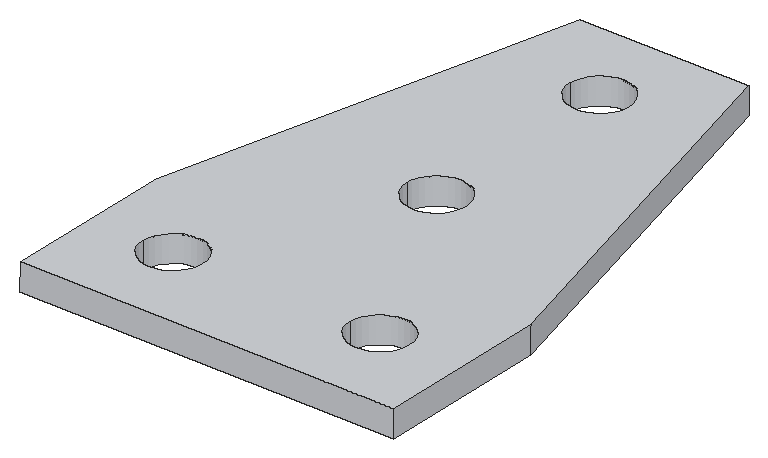
Revit family "Fitting-Flat_Plate-Unistrut-P1358", category Specialty Equipment, Revit 2012
Parameters (values of type "P1358")
  ecoScorecard_data = "http://products.ecoscorecard.com/atkore/P1358"
  ecoScorecard Product Page = "http://products.ecoscorecard.com/atkore/P1358?action=html"
  Weight Per Piece = 1.05 lbf
  Unit = none
  Unistrut Part Number = "P1358"  # constant formula
  URL = "http://unistrut.us/index.php"
  Thickness = 0' - 0 1/4"  # constant formula
  Subcategory = "Flat Plate Fittings"  # constant formula
  Product Page URL = "http://unistrut.us/index.php?WP=cat_detail&S=S05&P=P1358"
  Power Strut Part Number = "PS 747"  # constant formula
  Part Type = "Fitting"  # constant formula
  Overall Width = 0' - 3 1/2"  # constant formula
  Overall Length = 0' - 5 3/8"  # constant formula
  Model = "P1358"  # constant formula
  Material = ""
  Manufacturer Phone - Toll Free = "800-882-5543"  # constant formula
  Manufacturer Phone = "708-339-1610"  # constant formula
  Manufacturer Fax = "708-339-7814"  # constant formula
  Manufacturer Email = "mailto:jshaw@atkore.com"
  Manufacturer Address = "16100 South Lathrop Avenue, Harvey, IL 60426"  # constant formula
  Manufacturer = "Unistrut by Atkore International"  # constant formula
  Load Capacity Note = "Visit the product page for load application and capacity."  # constant formula
  Literature URL = "http://unistrut.us/index.php?WP=LItLibrary"
  Hole Diameter = 0' - 0 9/16"
  Cost Info = "mailto:jshaw@atkore.com"
  CAD URL = "http://unistrut.us/index.php?WP=CAD3d"
  Assembly Code = "D5020100"
  95 CSI = "16070"  # constant formula
  04 CSI = "26 05 48"  # constant formula
Reference planes (in)
  plane 1 "Center (Front/Back)": y = 0
  plane 2: z = 0
  plane 3 "Center (Left/Right)": x = 0
  plane 4: y = 2.6875
  plane 5: y = -2.6875
  plane 6: x = -1.75
  plane 7: x = 1.75
  plane 8: z = 0.25
  plane 9: y = -1.875
  plane 10: y = 1.90625
Dimensions and locks (in)
  equal spacing: plane 6, plane 3 "Center (Left/Right)", plane 7
  "Overall Width": plane 6 to plane 7
  equal spacing: plane 4, plane 1 "Center (Front/Back)", plane 5
  "Overall Length": plane 4 to plane 5
  "Thickness": plane 8 to plane 2
  aligned and locked: level to plane 2
  aligned and locked: plane 3 "Center (Left/Right)" to nested 1
  aligned and locked: plane 1 "Center (Front/Back)" to nested 1
Nested families (in)
  nested 1: "1358" at (0, 0, 0), type "1358"
Definition of nested family "1358"
  Parameters (values of type "P1358")
    Width = 0' - 3 1/2"
    Unit = none
    Thickness = 0' - 0 1/4"
    Radiuis = Diameter / 2  # 0' - 0 9/32"
    Length = 0' - 5 3/8"
    Diameter = 0' - 0 9/16"
  Reference planes (in)
    plane 1 "Center (Front/Back)": y = 0
    plane 2: z = 0
    plane 3 "Center (Left/Right)": x = 0
    plane 4: y = 2.6875
    plane 5: y = -2.6875
    plane 6: x = -1.75
    plane 7: x = 1.75
    plane 8: z = 0.25
    plane 9: through (0.76575, 2.6875, 48) normal (0.9677, 0.252, 0)
    plane 10: through (-0.80906, 2.6875, 48) normal (0.9704, -0.2416, 0)
  Forms (in)
    Extrusion 1, solid, material <- "Unit"
      sketch origin (0, 0, 0) x (1, 0, 0) y (0, 1, 0)
        loop
          line (-0.80906, 2.6875) -> (-1.75, -1.09203) -> (-1.75, -2.6875) -> (1.75, -2.6875) -> (1.75, -1.09203) -> (0.76575, 2.6875) -> (-0.80906, 2.6875)
        loop
          circle (0, 0) r 0.28125
        loop
          circle (0, 1.90625) r 0.28125
        loop
          circle (0.96875, -1.875) r 0.28125
        loop
          circle (-0.96875, -1.875) r 0.28125
      from 0 to 0.25
  Dimensions and locks (in)
    equal spacing: plane 6, plane 3 "Center (Left/Right)", plane 7
    "Width": plane 6 to plane 7
    equal spacing: plane 4, plane 1 "Center (Front/Back)", plane 5
    "Length": plane 4 to plane 5
    "Thickness": plane 8 to plane 2
    locked: plane 4 to Extrusion 1 sketch curve at 0.78125
    locked: Extrusion 1 sketch curve to plane 7 at 0.78125
    locked: plane 5 to Extrusion 1 sketch curve at 0.8125  (x2)
    locked: plane 6 to Extrusion 1 sketch curve at 0.78125
    "Radiuis": radius of Extrusion 1 sketch curve  (x4)
    aligned and locked: level to plane 2
    aligned and locked: Extrusion 1 sketch curve to plane 4
    aligned and locked: Extrusion 1 sketch curve to plane 10
    aligned and locked: Extrusion 1 sketch curve to plane 9
    aligned and locked: plane 7 to Extrusion 1 sketch curve
    aligned and locked: Extrusion 1 sketch curve to plane 6
    aligned and locked: plane 5 to Extrusion 1 sketch curve
    aligned and locked: plane 3 "Center (Left/Right)" to Extrusion 1 sketch curve  (x2)
    aligned and locked: plane 1 "Center (Front/Back)" to Extrusion 1 sketch curve
    aligned and locked: Extrusion 1 to plane 2
    aligned and locked: plane 8 to Extrusion 1
